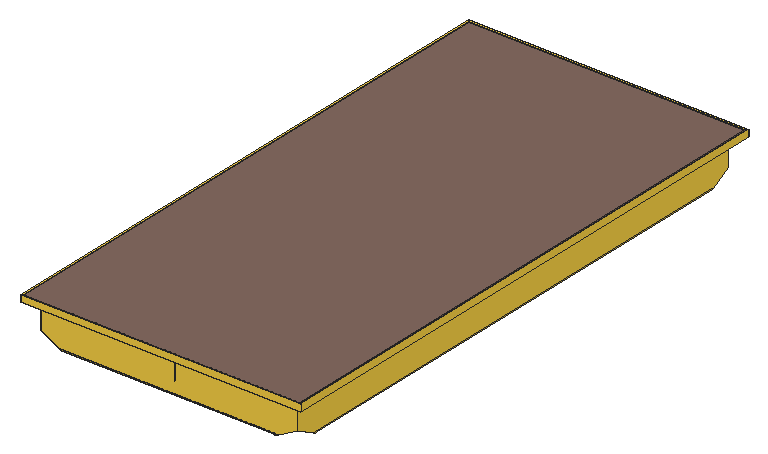
Revit family "CC4_PANEL CC 1.5x0.75_1870090", category Generic Models, Revit 2018
Family settings
  Can host rebar = No
  Round Connector Dimension = Use Diameter
  Part Type = Normal
  OmniClass Number = 35.51.14.00
  OmniClass Title = FORMWORK
  Work Plane-Based = Yes
  Always vertical = No
  Cut with Voids When Loaded = No
  Shared = Yes
  Room Calculation Point = No
Parameters
  VERSION = "20190101"  # constant formula
  URL = "www.ulmaconstruction.com/en"
  UNICLASS = ""
  ITEM_CODE = "1870090"
  Manufacturer = "ULMA CONSTRUCTION"  # constant formula
  FILTER [instance] = ""
  Default Elevation = 0.000 mm
  CLASSIFICATION_TITLE = ""
  CLASSIFICATION_NUMBER = ""
Reference planes
  plane 1 "Centro (Frontal/Posterior)": y = 0
  plane 2: z = 0
  plane 3 "Centro (Izquierda/Derecha)": x = 0
Forms (mm)
  Extrusion 1, solid, material "ULMA YELLOW", detail levels fine
    sketch origin (0, 0, 0) x (1, 0, 0) y (0, 0, 1)
      loop
        line (-361, -85) -> (-361, -10) -> (-389, -10) -> (-389, -12.5) -> (-363, -12.5) -> (-363, -82.5) -> (-389, -82.5) -> (-389, -85) -> (-361, -85)
    from -286 to -32
  Extrusion 2, solid, material "ULMA YELLOW", detail levels fine
    sketch origin (0, 540, 0) x (1, 0, 0) y (0, 0, 1)
      loop
        line (-361, -85) -> (-361, -10) -> (-389, -10) -> (-389, -12.5) -> (-363, -12.5) -> (-363, -82.5) -> (-389, -82.5) -> (-389, -85) -> (-361, -85)
    from -346 to -74
  Extrusion 3, solid, material "ULMA YELLOW", detail levels fine
    sketch origin (0, 1120, 0) x (1, 0, 0) y (0, 0, 1)
      loop
        line (-361, -85) -> (-361, -10) -> (-389, -10) -> (-389, -12.5) -> (-363, -12.5) -> (-363, -82.5) -> (-389, -82.5) -> (-389, -85) -> (-361, -85)
    from -348 to -94
  Extrusion 4, solid, material "ULMA YELLOW", detail levels fine
    sketch origin (0, 0, 0) x (0, 1, 0) y (0, 0, 1)
      loop
        line (286, -85) -> (314, -85) -> (314, -82.5) -> (288, -82.5) -> (288, -12.5) -> (314, -12.5) -> (314, -10) -> (286, -10) -> (286, -85)
      loop
        line (886, -85) -> (914, -85) -> (914, -82.5) -> (888, -82.5) -> (888, -12.5) -> (914, -12.5) -> (914, -10) -> (886, -10) -> (886, -85)
      loop
        line (614, -85) -> (614, -10) -> (586, -10) -> (586, -12.5) -> (612, -12.5) -> (612, -82.5) -> (586, -82.5) -> (586, -85) -> (614, -85)
      loop
        line (1214, -85) -> (1214, -10) -> (1186, -10) -> (1186, -12.5) -> (1212, -12.5) -> (1212, -82.5) -> (1186, -82.5) -> (1186, -85) -> (1214, -85)
    from -718 to -32
  Extrusion 5, solid, material "ULMA YELLOW", detail levels fine
    sketch origin (0, 0, 0) x (1, 0, 0) y (0, 0, 1)
      loop
        line (-50, -115.5) -> (-50, -118.5) -> (-34, -118.5)
        arc (-34, -118.5) -> (-31.172, -117.328) -> (-30, -114.5) r 4
        line (-30, -114.5) -> (-30, -17.5) -> (0, -17.5) -> (0, 0) -> (-5.25, 0) -> (-5.25, -9) -> (-32, -9) -> (-32, -85) -> (-33, -85) -> (-33, -111.5) -> (-46, -111.5)
        arc (-46, -111.5) -> (-48.828, -112.672) -> (-50, -115.5) r 4
    from 0 to -1500
  Extrusion 6, solid, material "ULMA YELLOW", detail levels fine
    sketch origin (-750, 0, 0) x (-1, 0, 0) y (0, 0, -1)
      loop
        arc (-50, 115.5) -> (-48.828, 112.672) -> (-46, 111.5) r 4
        line (-46, 111.5) -> (-33, 111.5) -> (-33, 85) -> (-32, 85) -> (-32, 9) -> (-5.25, 9) -> (-5.25, 0) -> (0, 0) -> (0, 17.5) -> (-30, 17.5) -> (-30, 114.5)
        arc (-30, 114.5) -> (-31.172, 117.328) -> (-34, 118.5) r 4
        line (-34, 118.5) -> (-50, 118.5) -> (-50, 115.5)
    from -1500 to 0
  Extrusion 7, solid, material "ULMA YELLOW", detail levels fine
    sketch origin (0, 0, 0) x (0, 1, 0) y (0, 0, 1)
      loop
        line (0, 0) -> (0, -17.5) -> (30, -17.5) -> (30, -114.5)
        arc (30, -114.5) -> (31.172, -117.328) -> (34, -118.5) r 4
        line (34, -118.5) -> (50, -118.5) -> (50, -115.5)
        arc (50, -115.5) -> (48.828, -112.672) -> (46, -111.5) r 4
        line (46, -111.5) -> (33, -111.5) -> (33, -85) -> (32, -85) -> (32, -9) -> (5.25, -9) -> (5.25, 0) -> (0, 0)
    from 0 to -750
  Extrusion 8, solid, material "ULMA YELLOW", detail levels fine
    sketch origin (0, 1500, 0) x (0, -1, 0) y (0, 0, -1)
      loop
        line (0, 0) -> (5.25, 0) -> (5.25, 9) -> (32, 9) -> (32, 85) -> (33, 85) -> (33, 111.5) -> (46, 111.5)
        arc (46, 111.5) -> (48.828, 112.672) -> (50, 115.5) r 4
        line (50, 115.5) -> (50, 118.5) -> (34, 118.5)
        arc (34, 118.5) -> (31.172, 117.328) -> (30, 114.5) r 4
        line (30, 114.5) -> (30, 17.5) -> (0, 17.5) -> (0, 0)
    from 0 to -750
  Extrusion 9, void
    sketch origin (0, 0, 0) x (1, 0, 0) y (0, 1, 0)
      loop
        line (0, 1500) -> (-50, 1450) -> (0, 1450) -> (0, 1500)
    from -118.5 to 0
  Extrusion 10, void
    sketch origin (0, 0, 0) x (1, 0, 0) y (0, 1, 0)
      loop
        line (0, 1500) -> (-50, 1500) -> (-50, 1450) -> (0, 1500)
    from -118.5 to 0
  Extrusion 11, void
    sketch origin (-750, 0, 0) x (-1, 0, 0) y (0, -1, 0)
      loop
        line (0, -1500) -> (-50, -1450) -> (-50, -1500) -> (0, -1500)
    from -118.5 to 0
  Extrusion 12, void
    sketch origin (-750, 0, 0) x (-1, 0, 0) y (0, -1, 0)
      loop
        line (0, -1500) -> (0, -1450) -> (-50, -1450) -> (0, -1500)
    from -118.5 to 0
  Extrusion 13, void
    sketch origin (-750, 1500, 0) x (-1, 0, 0) y (0, -1, 0)
      loop
        line (0, 1500) -> (-50, 1450) -> (0, 1450) -> (0, 1500)
    from -118.5 to 0
  Extrusion 14, void
    sketch origin (-750, 1500, 0) x (-1, 0, 0) y (0, -1, 0)
      loop
        line (0, 1500) -> (-50, 1500) -> (-50, 1450) -> (0, 1500)
    from -118.5 to 0
  Extrusion 15, void
    sketch origin (0, 1500, 0) x (1, 0, 0) y (0, 1, 0)
      loop
        line (0, -1500) -> (-50, -1450) -> (-50, -1500) -> (0, -1500)
    from -118.5 to 0
  Extrusion 16, void
    sketch origin (0, 1500, 0) x (1, 0, 0) y (0, 1, 0)
      loop
        line (0, -1500) -> (0, -1450) -> (-50, -1450) -> (0, -1500)
    from -118.5 to 0
  Extrusion 17, void
    sketch origin (0, 0, 0) x (0, 1, 0) y (0, 0, 1)
      loop
        line (1470, -87.546) -> (1409.25, -118.5) -> (1470, -118.5) -> (1470, -87.546)
    from -50 to 0
  Extrusion 18, void
    sketch origin (-1500, 1500, 0) x (1, 0, 0) y (0, 0, -1)
      loop
        line (1470, 87.546) -> (1470, 118.5) -> (1409.25, 118.5) -> (1470, 87.546)
    from -50 to 0
  Extrusion 19, void
    sketch origin (750, 1500, 0) x (-1, 0, 0) y (0, 0, 1)
      loop
        line (1470, -87.546) -> (1409.25, -118.5) -> (1470, -118.5) -> (1470, -87.546)
    from -50 to 0
  Extrusion 20, void
    sketch origin (-750, 0, 0) x (0, 1, 0) y (0, 0, -1)
      loop
        line (1470, 87.546) -> (1470, 118.5) -> (1409.25, 118.5) -> (1470, 87.546)
    from -50 to 0
  Extrusion 21, void
    sketch origin (0, 1500, 0) x (0, -1, 0) y (0, 0, -1)
      loop
        line (1470, 87.546) -> (1470, 118.5) -> (1409.25, 118.5) -> (1470, 87.546)
    from -50 to 0
  Extrusion 22, void
    sketch origin (-1500, 0, 0) x (1, 0, 0) y (0, 0, 1)
      loop
        line (1470, -87.546) -> (1409.25, -118.5) -> (1470, -118.5) -> (1470, -87.546)
    from -50 to 0
  Extrusion 23, void
    sketch origin (750, 0, 0) x (-1, 0, 0) y (0, 0, -1)
      loop
        line (1470, 87.546) -> (1470, 118.5) -> (1409.25, 118.5) -> (1470, 87.546)
    from -50 to 0
  Extrusion 24, void
    sketch origin (-750, 1500, 0) x (0, -1, 0) y (0, 0, 1)
      loop
        line (1470, -87.546) -> (1409.25, -118.5) -> (1470, -118.5) -> (1470, -87.546)
    from -50 to 0
  Extrusion 25, solid, material "ULMA PLYWOOD", detail levels fine
    sketch origin (0, 0, 0) x (1, 0, 0) y (0, 1, 0)
      loop
        line (-744.75, 1494.75) -> (-744.75, 5.25) -> (-5.25, 5.25) -> (-5.25, 1494.75) -> (-744.75, 1494.75)
    from -9 to 0
  Extrusion 26, solid, material "ULMA PLYWOOD", detail levels medium
    sketch origin (0, 0, 0) x (1, 0, 0) y (0, 1, 0)
      loop
        line (-750, 1500) -> (-750, 0) -> (0, 0) -> (0, 1500) -> (-750, 1500)
    from -118.5 to 0
Cuts and joins
  Extrusion 10, Extrusion 11, Extrusion 12, Extrusion 15, Extrusion 17, Extrusion 19, Extrusion 20, Extrusion 21 cuts Extrusion 5
  Extrusion 9, Extrusion 12, Extrusion 13, Extrusion 14, Extrusion 18, Extrusion 19, Extrusion 21, Extrusion 22, Extrusion 23, Extrusion 24 cuts Extrusion 8
  Extrusion 11, Extrusion 14, Extrusion 15, Extrusion 16, Extrusion 20, Extrusion 24 cuts Extrusion 6
  Extrusion 13, Extrusion 16, Extrusion 22, Extrusion 23 cuts Extrusion 7
Lines and regions (mm)
  model lines, style "ULMA PANEL CC", detail levels fine
    curve 1: line (-30, 500, -40) -> (-30, 400, -40)
    curve 2: arc (-30, 400, -40) -> (-30, 395.668, -40.987) -> (-30, 392.191, -43.753) r 10
    curve 3: line (-30, 392.191, -43.753) -> (-30, 372.191, -68.753)
    curve 4: arc (-30, 372.191, -68.753) -> (-30, 370.987, -79.332) -> (-30, 380, -85) r 10
    curve 5: line (-30, 380, -85) -> (-30, 520, -85)
    curve 6: arc (-30, 520, -85) -> (-30, 529.013, -79.332) -> (-30, 527.809, -68.753) r 10
    curve 7: line (-30, 527.809, -68.753) -> (-30, 507.809, -43.753)
    curve 8: arc (-30, 507.809, -43.753) -> (-30, 504.332, -40.987) -> (-30, 500, -40) r 10
    curve 9: line (-30, 800, -40) -> (-30, 700, -40)
    curve 10: arc (-30, 700, -40) -> (-30, 695.668, -40.987) -> (-30, 692.191, -43.753) r 10
    curve 11: line (-30, 692.191, -43.753) -> (-30, 672.191, -68.753)
    curve 12: arc (-30, 672.191, -68.753) -> (-30, 670.987, -79.332) -> (-30, 680, -85) r 10
    curve 13: line (-30, 680, -85) -> (-30, 820, -85)
    curve 14: arc (-30, 820, -85) -> (-30, 829.013, -79.332) -> (-30, 827.809, -68.753) r 10
    curve 15: line (-30, 827.809, -68.753) -> (-30, 807.809, -43.753)
    curve 16: arc (-30, 807.809, -43.753) -> (-30, 804.332, -40.987) -> (-30, 800, -40) r 10
    curve 17: line (-30, 1100, -40) -> (-30, 1000, -40)
    curve 18: arc (-30, 1000, -40) -> (-30, 995.668, -40.987) -> (-30, 992.191, -43.753) r 10
    curve 19: line (-30, 992.191, -43.753) -> (-30, 972.191, -68.753)
    curve 20: arc (-30, 972.191, -68.753) -> (-30, 970.987, -79.332) -> (-30, 980, -85) r 10
    curve 21: line (-30, 980, -85) -> (-30, 1120, -85)
    curve 22: arc (-30, 1120, -85) -> (-30, 1129.013, -79.332) -> (-30, 1127.809, -68.753) r 10
    curve 23: line (-30, 1127.809, -68.753) -> (-30, 1107.809, -43.753)
    curve 24: arc (-30, 1107.809, -43.753) -> (-30, 1104.332, -40.987) -> (-30, 1100, -40) r 10
    curve 25: line (-720, 500, -40) -> (-720, 400, -40)
    curve 26: arc (-720, 400, -40) -> (-720, 395.668, -40.987) -> (-720, 392.191, -43.753) r 10
    curve 27: line (-720, 392.191, -43.753) -> (-720, 372.191, -68.753)
    curve 28: arc (-720, 372.191, -68.753) -> (-720, 370.987, -79.332) -> (-720, 380, -85) r 10
    curve 29: line (-720, 380, -85) -> (-720, 520, -85)
    curve 30: arc (-720, 520, -85) -> (-720, 529.013, -79.332) -> (-720, 527.809, -68.753) r 10
    curve 31: line (-720, 527.809, -68.753) -> (-720, 507.809, -43.753)
    curve 32: arc (-720, 507.809, -43.753) -> (-720, 504.332, -40.987) -> (-720, 500, -40) r 10
    curve 33: line (-720, 800, -40) -> (-720, 700, -40)
    curve 34: arc (-720, 700, -40) -> (-720, 695.668, -40.987) -> (-720, 692.191, -43.753) r 10
    curve 35: line (-720, 692.191, -43.753) -> (-720, 672.191, -68.753)
    curve 36: arc (-720, 672.191, -68.753) -> (-720, 670.987, -79.332) -> (-720, 680, -85) r 10
    curve 37: line (-720, 680, -85) -> (-720, 820, -85)
    curve 38: arc (-720, 820, -85) -> (-720, 829.013, -79.332) -> (-720, 827.809, -68.753) r 10
    curve 39: line (-720, 827.809, -68.753) -> (-720, 807.809, -43.753)
    curve 40: arc (-720, 807.809, -43.753) -> (-720, 804.332, -40.987) -> (-720, 800, -40) r 10
    curve 41: line (-720, 1100, -40) -> (-720, 1000, -40)
    curve 42: arc (-720, 1000, -40) -> (-720, 995.668, -40.987) -> (-720, 992.191, -43.753) r 10
    curve 43: line (-720, 992.191, -43.753) -> (-720, 972.191, -68.753)
    curve 44: arc (-720, 972.191, -68.753) -> (-720, 970.987, -79.332) -> (-720, 980, -85) r 10
    curve 45: line (-720, 980, -85) -> (-720, 1120, -85)
    curve 46: arc (-720, 1120, -85) -> (-720, 1129.013, -79.332) -> (-720, 1127.809, -68.753) r 10
    curve 47: line (-720, 1127.809, -68.753) -> (-720, 1107.809, -43.753)
    curve 48: arc (-720, 1107.809, -43.753) -> (-720, 1104.332, -40.987) -> (-720, 1100, -40) r 10
    curve 49: line (-32, 500, -40) -> (-32, 400, -40)
    curve 50: arc (-32, 400, -40) -> (-32, 395.668, -40.987) -> (-32, 392.191, -43.753) r 10
    curve 51: line (-32, 392.191, -43.753) -> (-32, 372.191, -68.753)
    curve 52: arc (-32, 372.191, -68.753) -> (-32, 370.987, -79.332) -> (-32, 380, -85) r 10
    curve 53: line (-32, 380, -85) -> (-32, 520, -85)
    curve 54: arc (-32, 520, -85) -> (-32, 529.013, -79.332) -> (-32, 527.809, -68.753) r 10
    curve 55: line (-32, 527.809, -68.753) -> (-32, 507.809, -43.753)
    curve 56: arc (-32, 507.809, -43.753) -> (-32, 504.332, -40.987) -> (-32, 500, -40) r 10
    curve 57: line (-32, 800, -40) -> (-32, 700, -40)
    curve 58: arc (-32, 700, -40) -> (-32, 695.668, -40.987) -> (-32, 692.191, -43.753) r 10
    curve 59: line (-32, 692.191, -43.753) -> (-32, 672.191, -68.753)
    curve 60: arc (-32, 672.191, -68.753) -> (-32, 670.987, -79.332) -> (-32, 680, -85) r 10
    curve 61: line (-32, 680, -85) -> (-32, 820, -85)
    curve 62: arc (-32, 820, -85) -> (-32, 829.013, -79.332) -> (-32, 827.809, -68.753) r 10
    curve 63: line (-32, 827.809, -68.753) -> (-32, 807.809, -43.753)
    curve 64: arc (-32, 807.809, -43.753) -> (-32, 804.332, -40.987) -> (-32, 800, -40) r 10
    curve 65: line (-32, 1100, -40) -> (-32, 1000, -40)
    curve 66: arc (-32, 1000, -40) -> (-32, 995.668, -40.987) -> (-32, 992.191, -43.753) r 10
    curve 67: line (-32, 992.191, -43.753) -> (-32, 972.191, -68.753)
    curve 68: arc (-32, 972.191, -68.753) -> (-32, 970.987, -79.332) -> (-32, 980, -85) r 10
    curve 69: line (-32, 980, -85) -> (-32, 1120, -85)
    curve 70: arc (-32, 1120, -85) -> (-32, 1129.013, -79.332) -> (-32, 1127.809, -68.753) r 10
    curve 71: line (-32, 1127.809, -68.753) -> (-32, 1107.809, -43.753)
    curve 72: arc (-32, 1107.809, -43.753) -> (-32, 1104.332, -40.987) -> (-32, 1100, -40) r 10
    curve 73: line (-718, 500, -40) -> (-718, 400, -40)
    curve 74: arc (-718, 400, -40) -> (-718, 395.668, -40.987) -> (-718, 392.191, -43.753) r 10
    curve 75: line (-718, 392.191, -43.753) -> (-718, 372.191, -68.753)
    curve 76: arc (-718, 372.191, -68.753) -> (-718, 370.987, -79.332) -> (-718, 380, -85) r 10
    curve 77: line (-718, 380, -85) -> (-718, 520, -85)
    curve 78: arc (-718, 520, -85) -> (-718, 529.013, -79.332) -> (-718, 527.809, -68.753) r 10
    curve 79: line (-718, 527.809, -68.753) -> (-718, 507.809, -43.753)
    curve 80: arc (-718, 507.809, -43.753) -> (-718, 504.332, -40.987) -> (-718, 500, -40) r 10
    curve 81: line (-718, 800, -40) -> (-718, 700, -40)
    curve 82: arc (-718, 700, -40) -> (-718, 695.668, -40.987) -> (-718, 692.191, -43.753) r 10
    curve 83: line (-718, 692.191, -43.753) -> (-718, 672.191, -68.753)
    curve 84: arc (-718, 672.191, -68.753) -> (-718, 670.987, -79.332) -> (-718, 680, -85) r 10
    curve 85: line (-718, 680, -85) -> (-718, 820, -85)
    curve 86: arc (-718, 820, -85) -> (-718, 829.013, -79.332) -> (-718, 827.809, -68.753) r 10
    curve 87: line (-718, 827.809, -68.753) -> (-718, 807.809, -43.753)
    curve 88: arc (-718, 807.809, -43.753) -> (-718, 804.332, -40.987) -> (-718, 800, -40) r 10
    curve 89: line (-718, 1100, -40) -> (-718, 1000, -40)
    curve 90: arc (-718, 1000, -40) -> (-718, 995.668, -40.987) -> (-718, 992.191, -43.753) r 10
    curve 91: line (-718, 992.191, -43.753) -> (-718, 972.191, -68.753)
    curve 92: arc (-718, 972.191, -68.753) -> (-718, 970.987, -79.332) -> (-718, 980, -85) r 10
    curve 93: line (-718, 980, -85) -> (-718, 1120, -85)
    curve 94: arc (-718, 1120, -85) -> (-718, 1129.013, -79.332) -> (-718, 1127.809, -68.753) r 10
    curve 95: line (-718, 1127.809, -68.753) -> (-718, 1107.809, -43.753)
    curve 96: arc (-718, 1107.809, -43.753) -> (-718, 1104.332, -40.987) -> (-718, 1100, -40) r 10
  model lines, style "ULMA PANEL CC", detail levels coarse
    curve 97: line (-660, 90, 0) -> (-90, 1410, 0)
Dimensions and locks
  aligned and locked: level to plane 2
